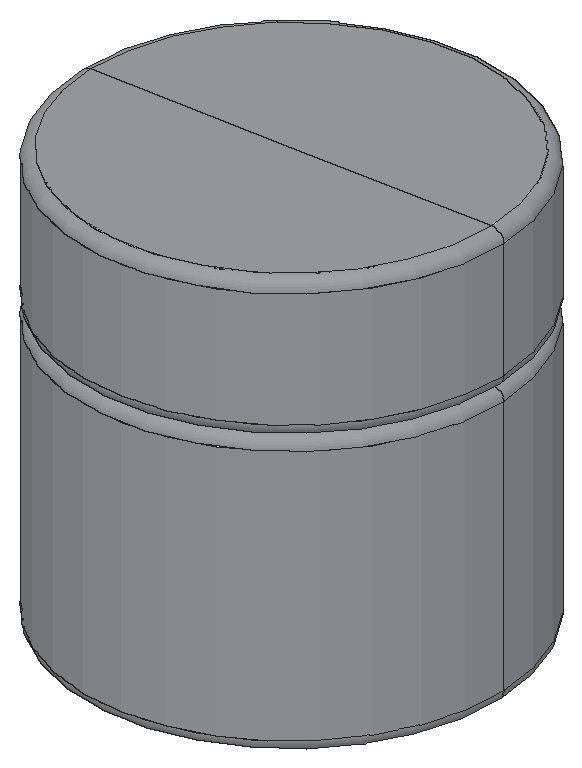
Revit family "Martin Brattrud - Medinah - Ottoman", category Furniture, Revit 2016
Family settings
  OmniClass Number = 23.40.20.00
  OmniClass Title = General Furniture and Specialties
  Work Plane-Based = No
  Always vertical = Yes
  Cut with Voids When Loaded = No
  Shared = No
  Room Calculation Point = No
Parameters
  r1 = 0' - 1 1/2"
  r = 0' - 0 1/2"  # constant formula
  WIDTH = 1' - 6"  # constant formula
  Upholstery (Seat) [instance] = Fabric - White
  Upholstery (Base) [instance] = Fabric - White
  URL = "http://www.martinbrattrud.com"
  SCS Certified Product = "Yes"
  Model = "1924-18CO"
  Manufacturer = "Martin Brattrud, Inc."
  Loop [instance] = Fabric - White
  Keynote = "125000"
  HEIGHT = 1' - 6"  # constant formula
  Description = "Medinah Ottoman"
  DEPTH = 1' - 6"  # constant formula
  Copyright = "© 2018 Martin Brattrud, Inc."
  Authoring Version = "Revit Architecture 2016"
  Assembly Code = "E2020200"
Reference planes (in)
  plane 1: z = 0
  plane 2 "Center Left/Right": x = 0
  plane 3: y = -2
  plane 4 "TOP": z = 18
  plane 5: z = 12
  plane 6: x = -9
  plane 7: x = 9
  plane 8: y = -11
  plane 9: y = 7
Forms (in)
  Revolve 1, solid, material "Fabric - White" <- "Upholstery (Seat)"
    sketch origin (0, -11, 0) x (-1, 0, 0) y (0, 0, 1)
      loop
        line (0, 18) -> (0, 12) -> (8.5, 12)
        arc (8.5, 12) -> (8.85355, 12.14645) -> (9, 12.5) r 0.5
        line (9, 12.5) -> (9, 17.5)
        arc (9, 17.5) -> (8.85355, 17.85355) -> (8.5, 18) r 0.5
        line (8.5, 18) -> (0, 18)
      axis (0, 18) -> (0, 12)
    angle from 0 to 360
  Revolve 2, solid, material "Fabric - White" <- "Upholstery (Base)"
    sketch origin (0, -11, 0) x (-1, 0, 0) y (0, 0, 1)
      loop
        line (0, 12) -> (0, 0) -> (8.5, 0)
        arc (8.5, 0) -> (8.85355, 0.14645) -> (9, 0.5) r 0.5
        line (9, 0.5) -> (9, 11.5)
        arc (9, 11.5) -> (8.85355, 11.85355) -> (8.5, 12) r 0.5
        line (8.5, 12) -> (0, 12)
      axis (0, 12) -> (0, 0)
    angle from 0 to 360
  Extrusion 3, solid, material "Fabric - White" <- "Loop"
    sketch origin (0, -11, 0) x (-1, 0, 0) y (0, 0, -1)
      loop
        arc (8.94893, -11.72015) -> (8.76451, -11.92431) -> (8.5, -12) r 0.5
        line (8.5, -12) -> (8.82349, -12)
        arc (8.82349, -12) -> (8.99183, -11.97409) -> (9.14459, -11.89876) r 0.55981
        line (9.14459, -11.89876) -> (9.29991, -11.79)
        arc (9.29991, -11.79) -> (9.73909, -11.28921) -> (9.89741, -10.64222) r 1.40118
        line (9.89741, -10.64222) -> (9.89741, -10.52696)
        arc (9.89741, -10.52696) -> (9.76436, -10.35951) -> (9.57117, -10.45127) r 0.1719
        line (9.57117, -10.45127) -> (8.94893, -11.72015)
      loop
        arc (9.26406, -11.7388) -> (9.68365, -11.26035) -> (9.83491, -10.64222) r 1.33868
        line (9.83491, -10.64222) -> (9.83491, -10.52696)
        arc (9.83491, -10.52696) -> (9.75023, -10.42039) -> (9.62728, -10.47879) r 0.1094
        line (9.62728, -10.47879) -> (9.00504, -11.74767)
        arc (9.00504, -11.74767) -> (8.94015, -11.85025) -> (8.85477, -11.93652) r 0.5625
        arc (8.85477, -11.93652) -> (8.98788, -11.90954) -> (9.10874, -11.84756) r 0.49731
        line (9.10874, -11.84756) -> (9.26406, -11.7388)
    from 0.75 to -0.75
Dimensions and locks (in)
  "HEIGHT": plane 4 "TOP" to level
  locked: plane 4 "TOP" to plane 5 at 6
  equal spacing: plane 9, plane 3, plane 8
  equal spacing: plane 6, plane 2 "Center Left/Right", plane 7
  "WIDTH": plane 6 to plane 7
  "WIDTH": plane 8 to plane 9
  "r": radius of Revolve 1 sketch curve  (x2)
  "r": radius of Revolve 2 sketch curve  (x2)
  aligned and locked: Revolve 1 sketch curve to plane 2 "Center Left/Right"  (x2)
  aligned and locked: Revolve 1 sketch curve to plane 5
  aligned and locked: Revolve 1 sketch curve to plane 4 "TOP"
  aligned and locked: Revolve 1 sketch curve to plane 6
  aligned and locked: Revolve 2 sketch curve to plane 2 "Center Left/Right"  (x2)
  aligned and locked: Revolve 2 sketch curve to plane 5
  aligned and locked: Revolve 2 sketch curve to plane 6
  aligned and locked: Revolve 2 sketch curve to level
Automatic sketch dimensions
  Extrusion 3 sketch curve to plane 5 = 0' - 0"
  Extrusion 3 sketch curve to plane 6 = 0' - 0.50377"
  Extrusion 3 sketch curve to plane 6 = 0' - 0.17651"
  Extrusion 3 sketch curve to plane 6 = 0' - 0.05107"
  plane 5 to Extrusion 3 sketch curve = 0' - 0.10124"
  plane 6 to Extrusion 3 sketch curve = 0' - 0.14459"
  Extrusion 3 sketch curve to Extrusion 3 sketch curve = 0' - 0.15533"
  plane 6 to Extrusion 3 sketch curve = 0' - 0.57117"
  Extrusion 3 sketch curve to Extrusion 3 sketch curve = 0' - 0.15434"
  Extrusion 3 sketch curve to Extrusion 3 sketch curve = 0' - 0.1719"
  Extrusion 3 sketch curve to Extrusion 3 sketch curve = 0' - 0.79796"
  Extrusion 3 sketch curve to Extrusion 3 sketch curve = 0' - 0.11526"
  Extrusion 3 sketch curve to Extrusion 3 sketch curve = 0' - 0.05981"
  Extrusion 3 sketch curve to Extrusion 3 sketch curve = 0' - 0"  (x9)
  Extrusion 3 sketch curve to Extrusion 3 sketch curve = 0' - 0.05612"
  Extrusion 3 sketch curve to Extrusion 3 sketch curve = 0' - 0.02752"  (x2)
  Extrusion 3 sketch curve to Extrusion 3 sketch curve = 0' - 0.03585"  (x2)
  Extrusion 3 sketch curve to Extrusion 3 sketch curve = 0' - 0.0512"  (x2)
  Extrusion 3 sketch curve to Extrusion 3 sketch curve = 0' - 0.32349"
  level to Revolve 1 sketch curve = 2' - 0"
  Revolve 1 sketch curve to plane 4 "TOP" = 6' - 5.33184"
  level to Revolve 2 sketch curve = 2' - 0"
  Revolve 2 sketch curve to plane 4 "TOP" = 6' - 5.33184"
